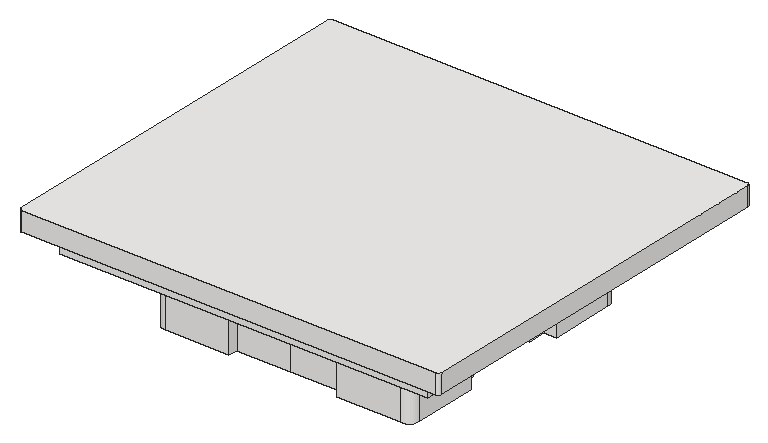
Revit family "Thermostat-Lutron-HomeWorksQS-Palladiom_HVAC_Solution NEW", category Lighting Devices, host Face, Revit 2017
Family settings
  Host = Face
  Maintain Annotation Orientation = Yes
  Round Connector Dimension = Use Diameter
  Part Type = Switch
  OmniClass Number = 23.85.80.11.27
  OmniClass Title = Lighting Controls
  Cut with Voids When Loaded = No
  Shared = No
  Room Calculation Point = No
Parameters (values of type "HQWT-T-HW-XXX-A")
  Warranty URL = "http://www.lutron.com/en-US/Service-Support/Pages/Service/Warranty/Warranty.aspx"
  Voltage Comment = "24–36 V- IEC SELV/  NECR Class 2"  # constant formula
  Voltage = 24 V
  Video Link = "https://www.youtube.com/user/LutronElectronicsInc"
  Version = "2017 - v1.0a"  # constant formula
  URL = "http://www.lutron.com"
  Type Comments = ""
  Support Phone = "(224) 699-9545"  # constant formula
  Support Email = "mailto: support@anguleris.com"
  Series = "HomeWorks QS"  # constant formula
  Product Page URL = "http://www.lutron.com/en-US/Products/Pages/Components/PalladiomQSRoomThermostat/Overview.aspx"
  Product Name = "Palladiom HVAC Solution"  # constant formula
  Product Documentation Link = "http://www.lutron.com/TechnicalDocumentLibrary/3691033.pdf"
  Performance URL = "http://www.lutron.com/en-US/Service-Support/Pages/Technical/PerfomanceSpecs.aspx"
  Overall Width = 0' - 4"  # constant formula
  Overall Height = 0' - 3 179/256"  # constant formula
  Overall Depth = 0' - 1"  # constant formula
  Model = "HQWT-T-HW-XXX-A"
  Material = ""
  Manufacturer Phone Number = "610-282-3800"  # constant formula
  Manufacturer Fax Number = "610-282-1243"  # constant formula
  Manufacturer Email = "mailto:support@lutron.com"
  Manufacturer Address = "7200 Suter Rd, Coopersburg, PA 18036"  # constant formula
  Manufacturer = "Lutron Electronics Co., Inc"  # constant formula
  Label [instance] = "T"
  Keynote = ""
  Instruction Sheet Link = "http://www.lutron.com/en-US/Service-Support/Pages/Technical/InstallationInstructions/InstallationInstructions.aspx?syst=System+Components&prodn=HomeWorks+QS+Architectural+seeTouch+Keypad"
  Finish = Plastic - Lutron - White - Matte
  Environment = "Ambient operating temperature: 32 °F to 104°F (0 °C to 40 °C) 5% to 90% relative humidity (non-condensing). Indoor use only. IP20 Rating"  # constant formula
  Description = "HomeWorks QS Palladiom HVAC Solution"
  Default Elevation = 4' - 0"
  Cost Info = "mailto:custsvc@lutron.com"
  Cost = 0
  Copyright = "© 2019 Lutron Electronics Co., Inc."  # constant formula
  Assembly Code = "D5020120"
Reference planes (in)
  plane 1 "Center (Front/Back)": y = 0
  plane 2: z = 0
  plane 3 "Center (Left/Right)": x = 0
  plane 4: x = -2
  plane 5: x = 2
  plane 6: y = 1.84961
  plane 7: y = -1.84961
  plane 8: z = -0.625
  plane 9: z = 0.375
Forms (in)
  Extrusion 1, solid, material "Plastic - Lutron - White - Matte" <- "Finish"
    sketch origin (0, 0, 0) x (1, 0, 0) y (0, 1, 0)
      loop
        arc (-1.96875, 1.84961) -> (-1.99085, 1.84046) -> (-2, 1.81836) r 0.03125
        line (-2, 1.81836) -> (-2, -1.81836)
        arc (-2, -1.81836) -> (-1.99085, -1.84046) -> (-1.96875, -1.84961) r 0.03125
        line (-1.96875, -1.84961) -> (1.96875, -1.84961)
        arc (1.96875, -1.84961) -> (1.99085, -1.84046) -> (2, -1.81836) r 0.03125
        line (2, -1.81836) -> (2, 1.81836)
        arc (2, 1.81836) -> (1.99085, 1.84046) -> (1.96875, 1.84961) r 0.03125
        line (1.96875, 1.84961) -> (-1.96875, 1.84961)
    from 0.19342 to 0.375
  Extrusion 2, solid, material "Plastic - Lutron - White - Matte" <- "Finish"
    sketch origin (0, 0, 0) x (1, 0, 0) y (0, 1, 0)
      loop
        line (-1.76203, 1.64406) -> (-1.76203, -1.6556) -> (1.73797, -1.6556) -> (1.73797, 1.64406) -> (-1.76203, 1.64406)
    from 0 to 0.19342
  Extrusion 3, solid, material "Plastic - Lutron - White - Matte" <- "Finish"
    sketch origin (0, 0, 0) x (1, 0, 0) y (0, 1, 0)
      loop
        arc (-1.09855, 1.23534) -> (-1.18426, 1.19984) -> (-1.21976, 1.11413) r 0.12121
        line (-1.21976, 1.11413) -> (-1.21976, 0.51768) -> (-1.10694, 0.51768) -> (-1.10694, 0.35085)
        arc (-1.10694, 0.35085) -> (-0.86874, 0.00722) -> (-1.10694, -0.33642) r 0.36696
        line (-1.10694, -0.33642) -> (-1.10694, -0.50208) -> (-1.21976, -0.50208) -> (-1.21976, -1.10067)
        arc (-1.21976, -1.10067) -> (-1.18885, -1.1753) -> (-1.11422, -1.20621) r 0.10554
        line (-1.11422, -1.20621) -> (-0.51049, -1.20621) -> (-0.51049, -1.11338) -> (0, -1.11338) -> (0.51049, -1.11338) -> (0.51049, -1.20621) -> (1.11956, -1.20621)
        arc (1.11956, -1.20621) -> (1.1925, -1.176) -> (1.22271, -1.10306) r 0.10315
        line (1.22271, -1.10306) -> (1.22271, -0.50208) -> (1.10694, -0.50208) -> (1.10694, -0.33642)
        arc (1.10694, -0.33642) -> (0.86874, 0.00722) -> (1.10694, 0.35085) r 0.36696
        line (1.10694, 0.35085) -> (1.10694, 0.51768) -> (1.22271, 0.51768) -> (1.22271, 1.13113)
        arc (1.22271, 1.13113) -> (1.19219, 1.20482) -> (1.1185, 1.23534) r 0.10421
        line (1.1185, 1.23534) -> (0.51049, 1.23534) -> (0.51049, 1.12781) -> (0, 1.12781) -> (-0.51049, 1.12781) -> (-0.51049, 1.23534) -> (-1.09855, 1.23534)
    from -0.625 to 0
Lines and regions (in)
  Split face 1
    outline origin (0, 0, 0.375) x (1, 0, 0) y (0, 1, 0)
      loop
        line (-1.53988, 1.39163) -> (-1.53988, -1.37415) -> (1.53988, -1.37415) -> (1.53988, 1.39163) -> (-1.53988, 1.39163)
  Split face 2
    outline origin (0, 0, 0.375) x (1, 0, 0) y (0, 1, 0)
      loop
        line (-1.53988, 0) -> (1.53988, 0)
  Split face 3
    outline origin (0, 0, 0.375) x (1, 0, 0) y (0, 1, 0)
      loop
        line (-1.53988, -0.68708) -> (1.53988, -0.68708)
  Split face 4
    outline origin (0, 0, 0.375) x (1, 0, 0) y (0, 1, 0)
      loop
        line (-0.51329, 0) -> (-0.51329, -0.68708)
  Split face 5
    outline origin (0, 0, 0.375) x (1, 0, 0) y (0, 1, 0)
      loop
        line (-0.51329, -0.68708) -> (-0.51329, -1.37415)
  Split face 6
    outline origin (0, 0, 0.375) x (1, 0, 0) y (0, 1, 0)
      loop
        line (0.51329, 0) -> (0.51329, -0.68708)
  Split face 7
    outline origin (0, 0, 0.375) x (1, 0, 0) y (0, 1, 0)
      loop
        line (0.51329, -0.68708) -> (0.51329, -1.37415)
  Masking region 1, detail levels medium+fine
    outline origin (0, 0, 0) x (1, 0, 0) y (0, 0, 1)
      loop
        line (2, 0.19342) -> (2, 0.375) -> (-2, 0.375) -> (-2, 0.19342) -> (-1.76203, 0.19342) -> (-1.76203, 0) -> (1.73797, 0) -> (1.73797, 0.19342) -> (2, 0.19342)
  Split face 8
    outline origin (0, 0, 0.375) x (1, 0, 0) y (0, 1, 0)
      loop
        line (-1.47163, 1.23486) -> (-1.47163, 0.125) -> (1.47163, 0.125) -> (1.47163, 1.23486) -> (-1.47163, 1.23486)
  Masking region 2, detail levels coarse
    outline origin (0, 0, 0) x (1, 0, 0) y (0, 0, 1)
      loop
        line (-2, 0.375) -> (-2, 0) -> (2, 0) -> (2, 0.375) -> (-2, 0.375)
  symbolic lines, detail levels fine
    curve 1: line (1.73797, 0, 0.19342) -> (-1.76203, 0, 0.19342)
  symbolic lines, detail levels medium+fine
    curve 2: line (-1.21976, 0, 0) -> (1.22271, 0, 0)
Dimensions and locks (in)
  equal spacing: plane 4, plane 3 "Center (Left/Right)", plane 5
  "Overall Width": plane 4 to plane 5
  equal spacing: plane 7, plane 1 "Center (Front/Back)", plane 6
  "Overall Height": plane 6 to plane 7
  level to plane 8 = 0' - 0 5/8"
  Extrusion 1 sketch curve to plane 3 "Center (Left/Right)" to Extrusion 1 sketch curve = 0' - 2" locked, 0' - 2" locked
  Extrusion 1 sketch curve to plane 1 "Center (Front/Back)" to Extrusion 1 sketch curve = 0' - 1.84961" locked, 0' - 1.84961" locked
  Extrusion 2 sketch curve to plane 3 "Center (Left/Right)" to Extrusion 2 sketch curve = 0' - 1.76203" locked, 0' - 1.73797" locked
  Extrusion 2 sketch curve to plane 1 "Center (Front/Back)" to Extrusion 2 sketch curve = 0' - 1.6556" locked, 0' - 1.64406" locked
  Extrusion 3 sketch curve to Extrusion 3 sketch curve to Extrusion 3 sketch curve to Extrusion 3 sketch curve to Extrusion 3 sketch curve to plane 3 "Center (Left/Right)" to Extrusion 3 sketch curve to Extrusion 3 sketch curve to Extrusion 3 sketch curve to Extrusion 3 sketch curve to Extrusion 3 sketch curve = 0' - 0" locked, 0' - 0.35102" locked, 0' - 0.35825" locked, 0' - 0" locked, 0' - 0.51049" locked, 0' - 0.51049" locked, 0' - 0" locked, 0' - 0.35825" locked, 0' - 0.35398" locked, 0' - 0" locked
  Extrusion 3 sketch curve to Extrusion 3 sketch curve to Extrusion 3 sketch curve to Extrusion 3 sketch curve to plane 1 "Center (Front/Back)" to Extrusion 3 sketch curve to Extrusion 3 sketch curve to Extrusion 3 sketch curve to Extrusion 3 sketch curve = 0' - 0" locked, 0' - 0.70413" locked, 0' - 0" locked, 0' - 0.50208" locked, 0' - 0.51768" locked, 0' - 0" locked, 0' - 0.71766" locked, 0' - 0" locked
  Extrusion 1 to Extrusion 2 to Extrusion 1 to level to Extrusion 3 to Extrusion 2 to Extrusion 3 = 0' - 0.18158" locked, 0' - 0" locked, 0' - 0.19342" locked, 0' - 0" locked, 0' - 0" locked, 0' - 0 5/8" locked
  aligned and locked: plane 2 to host face
  aligned and locked: level to host face
  aligned and locked: plane 3 "Center (Left/Right)" to nested 1
  aligned and locked: plane 1 "Center (Front/Back)" to nested 1
  aligned and locked: Masking region 2 sketch curve to plane 5
  aligned and locked: plane 9 to Masking region 2 sketch curve
  aligned and locked: plane 4 to Masking region 2 sketch curve
  aligned and locked: plane 2 to Masking region 2 sketch curve
Automatic sketch dimensions
  host sketch curve to host sketch curve = 8' - 0"  (x2)
  Extrusion 3 sketch curve to plane 3 "Center (Left/Right)" = 0' - 0"  (x2)
  Extrusion 3 sketch curve to Extrusion 3 sketch curve = 0' - 0.58806"
  Extrusion 3 sketch curve to Extrusion 3 sketch curve = 0' - 0"  (x2)
  Extrusion 3 sketch curve to Extrusion 3 sketch curve = 0' - 0.00728"
  Extrusion 3 sketch curve to Extrusion 3 sketch curve = 0' - 0.60801"
  Extrusion 3 sketch curve to Extrusion 3 sketch curve = 0' - 0.01262"
  Extrusion 3 sketch curve to Extrusion 3 sketch curve = 0' - 0.11577"
  Extrusion 3 sketch curve to Extrusion 3 sketch curve = 0' - 0.12876"
  Extrusion 3 sketch curve to Extrusion 3 sketch curve = 0' - 0.01271"
  Extrusion 3 sketch curve to Extrusion 3 sketch curve = 0' - 0.16567"
  Split face 1 sketch curve to Extrusion 1 = 0' - 0.46012"  (x2)
  Split face 1 sketch curve to Extrusion 1 = 0' - 0.47545"
  Split face 1 sketch curve to Extrusion 1 = 0' - 0.45798"
  Split face 2 sketch curve to Extrusion 1 = 0' - 0.46012"  (x2)
  Split face 2 sketch curve to Extrusion 1 = 0' - 1.84961"
  Split face 3 sketch curve to Extrusion 1 = 0' - 0.46012"  (x2)
  Split face 3 sketch curve to Extrusion 1 = 0' - 1.16253"
  Split face 4 sketch curve to Extrusion 1 = 0' - 1.48671"
  Split face 4 sketch curve to Extrusion 1 = 0' - 1.16253"
  Split face 4 sketch curve to Split face 4 sketch curve = 0' - 0.68708"
  Split face 5 sketch curve to Extrusion 1 = 0' - 0.47545"
  Split face 5 sketch curve to Extrusion 1 = 0' - 1.48671"
  Split face 5 sketch curve to Split face 5 sketch curve = 0' - 0.68708"
  Split face 6 sketch curve to Split face 6 sketch curve = 0' - 0.68708"
  Split face 6 sketch curve to Extrusion 1 = 0' - 1.48671"
  Split face 6 sketch curve to Extrusion 1 = 0' - 1.16253"
  Split face 7 sketch curve to Extrusion 1 = 0' - 0.47545"
  Split face 7 sketch curve to Extrusion 1 = 0' - 1.48671"
  Split face 7 sketch curve to Split face 7 sketch curve = 0' - 0.68708"
  plane 4 to Extrusion 1 sketch curve = 0' - 0 1/32"
  Extrusion 1 sketch curve to Extrusion 1 sketch curve = 0' - 0 1/32"
  Extrusion 1 sketch curve to plane 5 = 0' - 0 1/32"  (x2)
  Masking region 1 sketch curve to plane 4 = 0' - 0"
  Masking region 1 sketch curve to plane 5 = 0' - 0"
  Masking region 1 sketch curve to plane 9 = 0' - 0"
  plane 4 to Masking region 1 sketch curve = 0' - 0.23797"
  Masking region 1 sketch curve to plane 5 = 0' - 0.26203"
  plane 9 to Masking region 1 sketch curve = 0' - 0.18158"  (x2)
  curve 2 to level = 0' - 0"
  plane 4 to curve 1 = 0' - 0.23797"
  curve 1 to curve 2 = 0' - 0.54227"
  curve 2 to plane 5 = 0' - 0.77729"
  curve 1 to plane 5 = 0' - 0.26203"
  plane 9 to curve 1 = 0' - 0.18158"
  Split face 8 sketch curve to Extrusion 1 = 0' - 0.52837"  (x2)
  Split face 8 sketch curve to Split face 8 sketch curve = 0' - 1.10986"
  Split face 8 sketch curve to Extrusion 1 = 0' - 0.61475"
  Extrusion 3 sketch curve to plane 1 "Center (Front/Back)" = 0' - 0.00722"
  Extrusion 3 sketch curve to Extrusion 3 sketch curve = 0' - 0.01594"
  Extrusion 3 sketch curve to Extrusion 3 sketch curve = 0' - 0.01032"
  Extrusion 3 sketch curve to Extrusion 3 sketch curve = 0' - 0.10753"
  Masking region 1 sketch curve to level = 0' - 0"
Nested families (in)
  nested 1: "Thermostat" at (0, 0, 0), type "Thermostat", detail levels coarse+medium
Connectors (in)
  electrical at (0.00124, 0.00976, -0.625)
    settings: on Extrusion 3, index 1, voltage 0 V, apparent load 0 VA, apparent load phase1 0 VA, apparent load phase2 0 VA, apparent load phase3 0 VA, power factor 1, load classification "Other", number of poles 1, system type 13, power factor state 1, is connector primary yes, connector utility no, sub classification motor no, connector description "Control Connection"
Definition of nested family "Thermostat"
  Parameters (values of type "Thermostat")
    Label = "T"
  Reference planes (in)
    plane 1: y = 0
    plane 2: x = 0
  Lines and regions (in)
    reference lines
      curve 1: line (0, 0.0625, 0) -> (-0.11983, 0.0625, 0)
      curve 2: line (0.10095, -0.04722, 0) -> (0.10095, 0.09386, 0)
      curve 3: line (0.10095, -0.04722, 0) -> (0.28349, -0.04722, 0)
      curve 4: line (0.10095, 0.04579, 0) -> (0.31014, 0.04579, 0)
    detail lines
      curve 5: circle (0, 0.0625, 0) r 0.06919 normal (0, 0, 1)
  Text (in)
    label "T" at (-0.00021, 0.05048, 0), shows "Label"
  Dimensions and locks (in)
    locked: curve 3 to curve 4 at 0.09301
    locked: plane 1 to curve 1 at 0.0625
